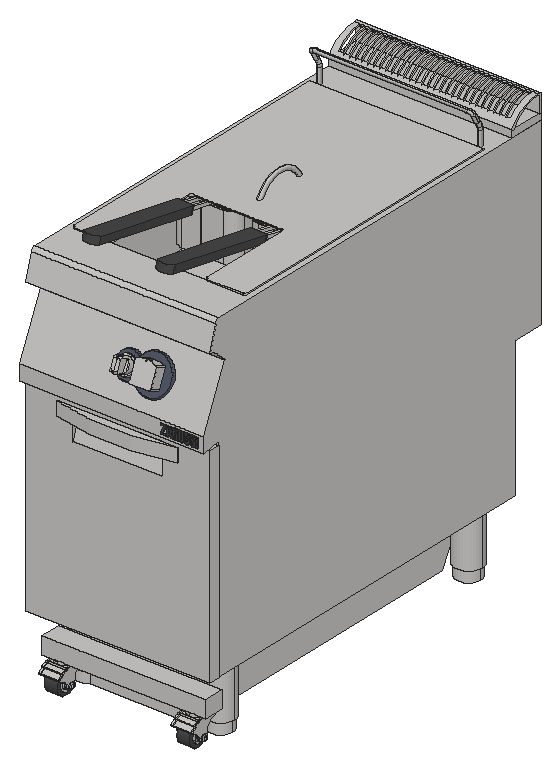
Revit family "QF_ZANUSSI_392331_Z9KKGABAMCA", category Specialty Equipment, Revit 2018 (continued)
Automatic sketch dimensions
  Sweep 4 sketch curve to plane 8 "Center X" = 2.231 mm
  Sweep 4 sketch curve to plane 10 "TOP A" = 26.978 mm
  Sweep 4 sketch curve to plane 8 "Center X" = 56.67 mm
  Sweep 4 sketch curve to plane 7 "Center Y" = 0 mm
  Sweep 4 sketch curve to profile plane = 0 mm
  Revolve 6 sketch curve to level = 0 mm
  Revolve 6 sketch curve to plane 11 "feet" = 0 mm  (x2)
  Revolve 6 sketch curve to plane 15 = 0 mm  (x2)
  level to Revolve 6 sketch curve = 25 mm
  Revolve 6 sketch curve to plane 15 = 26.25 mm
  plane 3 "LEFT" to Revolve 6 sketch curve = 26 mm
  plane 11 "feet" to Revolve 6 sketch curve = 20 mm
  Revolve 7 sketch curve to level = 0 mm
  Revolve 7 sketch curve to plane 11 "feet" = 0 mm  (x2)
  Revolve 7 sketch curve to plane 14 = 0 mm  (x2)
  level to Revolve 7 sketch curve = 25 mm
  Revolve 7 sketch curve to plane 20 = 15.25 mm
  Revolve 7 sketch curve to plane 20 = 19 mm
  plane 11 "feet" to Revolve 7 sketch curve = 20 mm
  Revolve 8 sketch curve to level = 0 mm
  Revolve 8 sketch curve to plane 11 "feet" = 0 mm  (x2)
  Revolve 8 sketch curve to plane 14 = 0 mm  (x2)
  level to Revolve 8 sketch curve = 25 mm
  Revolve 8 sketch curve to plane 20 = 15.25 mm
  Revolve 8 sketch curve to plane 20 = 19 mm
  plane 11 "feet" to Revolve 8 sketch curve = 20 mm
  Extrusion 9 sketch curve to plane 10 "TOP A" = 0 mm
  plane 1 "BACK" to Extrusion 9 sketch curve = 0.111 mm
  plane 10 "TOP A" to Extrusion 9 sketch curve = 14 mm
  Extrusion 9 sketch curve to plane 12 = 49 mm
  Revolve 10 sketch curve to level = 0 mm
  Revolve 10 sketch curve to plane 11 "feet" = 0 mm  (x2)
  plane 15 to Revolve 10 sketch curve = 0 mm  (x2)
  level to Revolve 10 sketch curve = 25 mm
  Revolve 10 sketch curve to plane 15 = 26.25 mm
  plane 3 "LEFT" to Revolve 10 sketch curve = 26 mm
  plane 11 "feet" to Revolve 10 sketch curve = 20 mm
  plane 10 "TOP A" to Extrusion 11 sketch curve = 2.752 mm
  Extrusion 11 sketch curve to plane 8 "Center X" = 166.75 mm
  Extrusion 11 sketch curve to Extrusion 11 sketch curve = 2.306 mm
  Extrusion 11 sketch curve to Extrusion 11 sketch curve = 42.039 mm
  Extrusion 11 sketch curve to Extrusion 11 sketch curve = 6.254 mm
  Extrusion 11 sketch curve to Extrusion 11 sketch curve = 59.061 mm
  Extrusion 11 sketch curve to Extrusion 11 sketch curve = 7.158 mm
  Extrusion 11 sketch curve to Extrusion 11 sketch curve = 18.997 mm
  Extrusion 12 sketch curve to Extrusion 12 sketch curve = 0 mm  (x8)
  Extrusion 12 sketch curve to plane 7 "Center Y" = 12.729 mm
  Extrusion 12 sketch curve to Extrusion 12 sketch curve = 3.175 mm
  Extrusion 12 sketch curve to Extrusion 12 sketch curve = 22.225 mm  (x2)
  plane 15 to Extrusion 12 sketch curve = 15.596 mm  (x2)
  Extrusion 12 sketch curve to plane 15 = 6.629 mm
  plane 12 to Extrusion 12 sketch curve = 59.26 mm
  Extrusion 12 sketch curve to plane 8 "Center X" = 80.89 mm
  plane 15 to Extrusion 13 sketch curve = 45.378 mm
  Extrusion 13 sketch curve to Extrusion 13 sketch curve = 0 mm
  Extrusion 13 sketch curve to Extrusion 13 sketch curve = 11.832 mm
  plane 15 to Extrusion 13 sketch curve = 48.887 mm
  Extrusion 13 sketch curve to Extrusion 13 sketch curve = 243.056 mm
  Extrusion 13 sketch curve to Extrusion 13 sketch curve = 3.5 mm
  Extrusion 13 sketch curve to Extrusion 13 sketch curve = 18.617 mm
  plane 10 "TOP A" to Extrusion 14 sketch curve = 2.752 mm
  Extrusion 14 sketch curve to plane 8 "Center X" = 166.75 mm
  Extrusion 14 sketch curve to Extrusion 14 sketch curve = 2.306 mm
  Extrusion 14 sketch curve to Extrusion 14 sketch curve = 42.039 mm
  Extrusion 14 sketch curve to Extrusion 14 sketch curve = 6.254 mm
  Extrusion 14 sketch curve to Extrusion 14 sketch curve = 59.061 mm
  Extrusion 14 sketch curve to Extrusion 14 sketch curve = 7.158 mm
  Extrusion 14 sketch curve to Extrusion 14 sketch curve = 18.997 mm
  plane 10 "TOP A" to Extrusion 15 sketch curve = 2.752 mm
  Extrusion 15 sketch curve to plane 8 "Center X" = 166.75 mm
  Extrusion 15 sketch curve to Extrusion 15 sketch curve = 2.306 mm
  Extrusion 15 sketch curve to Extrusion 15 sketch curve = 42.039 mm
  Extrusion 15 sketch curve to Extrusion 15 sketch curve = 6.254 mm
  Extrusion 15 sketch curve to Extrusion 15 sketch curve = 59.061 mm
  Extrusion 15 sketch curve to Extrusion 15 sketch curve = 7.158 mm
  Extrusion 15 sketch curve to Extrusion 15 sketch curve = 5.916 mm
  Extrusion 16 sketch curve to Extrusion 16 sketch curve = 0 mm  (x8)
  plane 7 "Center Y" to Extrusion 16 sketch curve = 12.729 mm
  Extrusion 16 sketch curve to Extrusion 16 sketch curve = 3.175 mm
  Extrusion 16 sketch curve to Extrusion 16 sketch curve = 22.225 mm  (x2)
  Extrusion 16 sketch curve to plane 14 = 15.596 mm  (x2)
  plane 20 to Extrusion 16 sketch curve = 4.371 mm
  Extrusion 16 sketch curve to plane 8 "Center X" = 106.29 mm
  plane 12 to Extrusion 16 sketch curve = 84.66 mm
  plane 10 "TOP A" to Extrusion 17 sketch curve = 2.752 mm
  Extrusion 17 sketch curve to plane 8 "Center X" = 166.75 mm
  Extrusion 17 sketch curve to Extrusion 17 sketch curve = 2.306 mm
  Extrusion 17 sketch curve to Extrusion 17 sketch curve = 42.039 mm
  Extrusion 17 sketch curve to Extrusion 17 sketch curve = 6.254 mm
  Extrusion 17 sketch curve to Extrusion 17 sketch curve = 59.061 mm
  Extrusion 17 sketch curve to Extrusion 17 sketch curve = 7.158 mm
  Extrusion 17 sketch curve to Extrusion 17 sketch curve = 5.916 mm
  Extrusion 18 sketch curve to plane 11 "feet" = 0 mm
  level to Extrusion 18 sketch curve = 10 mm
  plane 13 to Extrusion 18 sketch curve = 35.361 mm
  plane 12 to Extrusion 18 sketch curve = 31.603 mm
  Extrusion 18 sketch curve to plane 12 = 46 mm
  Split face 1 sketch curve to Extrusion 18 = 2 mm  (x2)
  Split face 1 sketch curve to Extrusion 18 = 1 mm
  Split face 1 sketch curve to Extrusion 18 = 47.969 mm
  Split face 2 sketch curve to Extrusion 18 = 51.412 mm
  Split face 2 sketch curve to Split face 2 sketch curve = 7.5 mm
  Split face 2 sketch curve to Split face 2 sketch curve = 15 mm  (x2)
  Split face 2 sketch curve to Extrusion 18 = 35.145 mm
  Extrusion 19 sketch curve to plane 14 = 45.378 mm
  Extrusion 19 sketch curve to Extrusion 19 sketch curve = 0 mm
  Extrusion 19 sketch curve to Extrusion 19 sketch curve = 11.832 mm
  Extrusion 19 sketch curve to plane 14 = 48.887 mm
  Extrusion 19 sketch curve to Extrusion 19 sketch curve = 243.056 mm
  Extrusion 19 sketch curve to Extrusion 19 sketch curve = 3.5 mm
  Extrusion 19 sketch curve to Extrusion 19 sketch curve = 18.617 mm
  Extrusion 20 sketch curve to plane 21 = 0 mm
  Extrusion 20 sketch curve to plane 20 = 20.922 mm
  plane 3 "LEFT" to Extrusion 20 sketch curve = 19.859 mm
  plane 13 to Extrusion 20 sketch curve = 35.361 mm
  Extrusion 21 sketch curve to plane 5 "FRONT" = 34.639 mm
  plane 13 to Extrusion 21 sketch curve = 35.361 mm
  level to Extrusion 21 sketch curve = 63.5 mm
  Extrusion 21 sketch curve to Extrusion 21 sketch curve = 36.5 mm
  Extrusion 24 sketch curve to plane 20 = 0 mm
  Extrusion 24 sketch curve to plane 13 = 152 mm
  plane 12 to Sweep 25 sketch curve = 23.665 mm
  plane 12 to Sweep 25 sketch curve = 9.405 mm
  plane 12 to Sweep 25 sketch curve = 7.199 mm
  Sweep 25 sketch curve to plane 6 "TOP" = 24.123 mm
  Sweep 25 sketch curve to plane 6 "TOP" = 6.721 mm
  Sweep 25 sketch curve to Sweep 25 sketch curve = 5.294 mm
  Sweep 25 sketch curve to plane 10 "TOP A" = 0.883 mm
  Sweep 25 sketch curve to Sweep 25 sketch curve = 0 mm  (x4)
  Sweep 25 sketch curve to profile plane = 0.001 mm  (x2)
  profile plane to Sweep 25 sketch curve = 25.269 mm
  Sweep 25 sketch curve to Sweep 25 sketch curve = 349.461 mm
  profile plane to Sweep 25 sketch curve = 3.998 mm  (x2)
  Sweep 26 sketch curve to plane 20 = 19.731 mm
  Sweep 26 sketch curve to Sweep 26 sketch curve = 7 mm  (x2)
  Sweep 26 sketch curve to plane 15 = 23.731 mm
  Sweep 26 sketch curve to Sweep 26 sketch curve = 21.637 mm  (x2)
  Sweep 26 sketch curve to profile plane = 0 mm  (x2)
  plane 9 "BASE" to Extrusion 23 sketch curve = 8.797 mm
  Extrusion 23 sketch curve to plane 14 = 37.84 mm
  Extrusion 23 sketch curve to Extrusion 23 sketch curve = 0.505 mm  (x6)
  Extrusion 23 sketch curve to Extrusion 23 sketch curve = 4.683 mm
  Extrusion 23 sketch curve to Extrusion 23 sketch curve = 7.023 mm
  Extrusion 23 sketch curve to Extrusion 23 sketch curve = 6.814 mm
  Extrusion 23 sketch curve to Extrusion 23 sketch curve = 3.968 mm
  plane 9 "BASE" to Extrusion 23 sketch curve = 6.892 mm  (x5)
  Extrusion 23 sketch curve to Extrusion 23 sketch curve = 0.253 mm  (x7)
  Extrusion 23 sketch curve to Extrusion 23 sketch curve = 4.169 mm  (x3)
  Extrusion 23 sketch curve to Extrusion 23 sketch curve = 4.548 mm  (x2)
  plane 9 "BASE" to Extrusion 23 sketch curve = 11.061 mm
  Extrusion 23 sketch curve to Extrusion 23 sketch curve = 0.632 mm  (x6)
  plane 9 "BASE" to Extrusion 23 sketch curve = 14.978 mm
  Extrusion 23 sketch curve to Extrusion 23 sketch curve = 3.032 mm  (x4)
  Extrusion 23 sketch curve to Extrusion 23 sketch curve = 2.527 mm  (x3)
  Extrusion 23 sketch curve to Extrusion 23 sketch curve = 3.664 mm  (x3)
  Extrusion 23 sketch curve to Extrusion 23 sketch curve = 4.295 mm  (x2)
  Extrusion 23 sketch curve to Extrusion 23 sketch curve = 3.916 mm  (x3)
  Extrusion 23 sketch curve to Extrusion 23 sketch curve = 4.674 mm
  Extrusion 23 sketch curve to Extrusion 23 sketch curve = 4.043 mm  (x4)
  Extrusion 23 sketch curve to Extrusion 23 sketch curve = 5.053 mm
  Extrusion 23 sketch curve to Extrusion 23 sketch curve = 0.379 mm  (x2)
  Extrusion 23 sketch curve to Extrusion 23 sketch curve = 0.884 mm  (x9)
  Extrusion 23 sketch curve to Extrusion 23 sketch curve = 1.769 mm  (x5)
  plane 14 to Extrusion 23 sketch curve = 5.998 mm
  Extrusion 23 sketch curve to Extrusion 23 sketch curve = 0.758 mm  (x4)
  Extrusion 23 sketch curve to Extrusion 23 sketch curve = 1.39 mm  (x4)
  plane 14 to Extrusion 23 sketch curve = 8.651 mm  (x2)
  plane 14 to Extrusion 23 sketch curve = 9.662 mm
  plane 14 to Extrusion 23 sketch curve = 11.178 mm
  plane 14 to Extrusion 23 sketch curve = 12.947 mm
  plane 14 to Extrusion 23 sketch curve = 13.073 mm
  plane 14 to Extrusion 23 sketch curve = 14.336 mm
  Extrusion 23 sketch curve to Extrusion 23 sketch curve = 2.021 mm  (x4)
  Extrusion 23 sketch curve to Extrusion 23 sketch curve = 2.148 mm  (x2)
  Extrusion 23 sketch curve to Extrusion 23 sketch curve = 2.022 mm  (x2)
  Extrusion 23 sketch curve to plane 20 = 7.127 mm
  Extrusion 23 sketch curve to plane 20 = 7.379 mm
  Extrusion 23 sketch curve to plane 20 = 8.011 mm
  Extrusion 23 sketch curve to plane 20 = 8.895 mm
  Extrusion 23 sketch curve to plane 20 = 9.527 mm
  Extrusion 23 sketch curve to plane 20 = 9.653 mm
  Extrusion 23 sketch curve to plane 20 = 10.159 mm  (x2)
  Extrusion 23 sketch curve to plane 20 = 10.285 mm
  Extrusion 23 sketch curve to plane 20 = 11.548 mm
  Extrusion 23 sketch curve to plane 20 = 13.317 mm
  Extrusion 23 sketch curve to Extrusion 23 sketch curve = 2.653 mm  (x5)
  Extrusion 23 sketch curve to plane 20 = 14.58 mm
  Extrusion 23 sketch curve to Extrusion 23 sketch curve = 2.4 mm  (x5)
  Extrusion 23 sketch curve to Extrusion 23 sketch curve = 4.422 mm  (x3)
  Extrusion 23 sketch curve to Extrusion 23 sketch curve = 0.126 mm  (x5)
  Extrusion 23 sketch curve to Extrusion 23 sketch curve = 1.137 mm  (x3)
  Extrusion 23 sketch curve to Extrusion 23 sketch curve = 1.263 mm  (x3)
  Extrusion 23 sketch curve to Extrusion 23 sketch curve = 1.011 mm  (x2)
  Extrusion 23 sketch curve to Extrusion 23 sketch curve = 3.917 mm
  Extrusion 23 sketch curve to Extrusion 23 sketch curve = 2.779 mm  (x2)
  Extrusion 23 sketch curve to Extrusion 23 sketch curve = 0 mm  (x5)
  Extrusion 23 sketch curve to Extrusion 23 sketch curve = 1.905 mm
  Extrusion 23 sketch curve to Extrusion 23 sketch curve = 3.285 mm
  Extrusion 23 sketch curve to Extrusion 23 sketch curve = 4.05 mm
  Extrusion 23 sketch curve to Extrusion 23 sketch curve = 2.274 mm
  Extrusion 23 sketch curve to Extrusion 23 sketch curve = 3.537 mm
  Extrusion 23 sketch curve to Extrusion 23 sketch curve = 1.516 mm  (x2)
  Extrusion 23 sketch curve to Extrusion 23 sketch curve = 1.895 mm
  Extrusion 23 sketch curve to Extrusion 23 sketch curve = 2.906 mm
  Extrusion 23 sketch curve to Extrusion 23 sketch curve = 6.443 mm
  Extrusion 23 sketch curve to Extrusion 23 sketch curve = 1.642 mm
  Extrusion 23 sketch curve to Extrusion 23 sketch curve = 13.511 mm
  Extrusion 23 sketch curve to Extrusion 23 sketch curve = 0.153 mm
  Extrusion 23 sketch curve to Extrusion 23 sketch curve = 9.825 mm
  Extrusion 23 sketch curve to Extrusion 23 sketch curve = 0.226 mm
  Extrusion 23 sketch curve to Extrusion 23 sketch curve = 3.79 mm  (x2)
  Extrusion 23 sketch curve to Extrusion 23 sketch curve = 7.327 mm
  Extrusion 23 sketch curve to Extrusion 23 sketch curve = 3.692 mm
  plane 10 "TOP A" to Extrusion 27 sketch curve = 14 mm  (x2)
  Extrusion 27 sketch curve to plane 12 = 49 mm
  Extrusion 27 sketch curve to Extrusion 27 sketch curve = 3.134 mm
  Extrusion 27 sketch curve to plane 6 "TOP" = 3 mm
  plane 1 "BACK" to Extrusion 27 sketch curve = 5.111 mm
  Extrusion 27 sketch curve to Extrusion 27 sketch curve = 0.769 mm
  plane 1 "BACK" to Extrusion 27 sketch curve = 2.111 mm
  plane 1 "BACK" to Extrusion 27 sketch curve = 0.111 mm
  Extrusion 27 sketch curve to Extrusion 27 sketch curve = 0.01 mm
  Blend 28 sketch curve to Blend 28 sketch curve = 53 mm  (x2)
  Blend 28 sketch curve to Blend 28 sketch curve = 17.95 mm
  Blend 28 sketch curve to Blend 28 sketch curve = 18.422 mm
  Revolve 30 sketch curve to Revolve 30 sketch curve = 13 mm
  Revolve 30 sketch curve to Revolve 30 sketch curve = 16 mm
  Revolve 30 sketch curve to Revolve 30 sketch curve = 27 mm
  Revolve 30 sketch curve to Revolve 30 sketch curve = 0 mm  (x2)
  Revolve 30 sketch curve to Revolve 30 sketch curve = 25.449 mm
  Extrusion 31 sketch curve to Extrusion 31 sketch curve = 6.058 mm
  Extrusion 31 sketch curve to Extrusion 31 sketch curve = 0.01 mm  (x4)
  Extrusion 31 sketch curve to Extrusion 31 sketch curve = 8.895 mm  (x2)
  Extrusion 31 sketch curve to Extrusion 31 sketch curve = 15.995 mm
  Extrusion 31 sketch curve to Extrusion 31 sketch curve = 2.827 mm
  Extrusion 31 sketch curve to Extrusion 31 sketch curve = 15.163 mm
  Extrusion 31 sketch curve to Extrusion 31 sketch curve = 0 mm
  Extrusion 31 sketch curve to Extrusion 31 sketch curve = 15.173 mm
  Extrusion 32 sketch curve to Extrusion 32 sketch curve = 2.997 mm  (x3)
  Extrusion 32 sketch curve to Extrusion 32 sketch curve = 20.003 mm  (x2)
  Extrusion 32 sketch curve to Extrusion 32 sketch curve = 40.005 mm
  Extrusion 32 sketch curve to Extrusion 32 sketch curve = 0 mm  (x2)
  Split face 29 sketch curve to Split face 29 sketch curve = 2.545 mm
  Split face 29 sketch curve to Split face 29 sketch curve = 4.379 mm
  Extrusion 33 sketch curve to Extrusion 33 sketch curve = 3 mm
  Extrusion 33 sketch curve to Extrusion 33 sketch curve = 0 mm  (x2)
  Extrusion 33 sketch curve to Extrusion 33 sketch curve = 1 mm
  Extrusion 33 sketch curve to Extrusion 33 sketch curve = 15 mm
  Extrusion 34 sketch curve to Extrusion 34 sketch curve = 0 mm  (x4)
  Extrusion 34 sketch curve to Extrusion 34 sketch curve = 1 mm
  Extrusion 34 sketch curve to Extrusion 34 sketch curve = 2.764 mm
  Extrusion 34 sketch curve to Extrusion 34 sketch curve = 2.616 mm
  Extrusion 34 sketch curve to Extrusion 34 sketch curve = 12.193 mm
  Blend 28 sketch curve to Blend 28 sketch curve = 0 mm  (x2)
  Blend 28 sketch curve to Blend 28 sketch curve = 24.037 mm
  Blend 28 sketch curve to Blend 28 sketch curve = 21.086 mm
  Extrusion 32 sketch curve to Extrusion 32 sketch curve = 5.399 mm
  Extrusion 32 sketch curve to Extrusion 32 sketch curve = 40.037 mm
  plane 7 "Center Y" to Blend 28 sketch curve = 16.392 mm  (x2)
  plane 7 "Center Y" to Extrusion 29 sketch curve = 14.391 mm
  plane 23 "PANEL" to Revolve 30 sketch curve = 10 mm
  Revolve 30 sketch curve to plane 5 "FRONT" = 19.187 mm
  Extrusion 31 sketch curve to plane 7 "Center Y" = 2.501 mm
  plane 23 "PANEL" to Extrusion 31 sketch curve = 22 mm
  plane 7 "Center Y" to Extrusion 32 sketch curve = 46.392 mm
  plane 23 "PANEL" to Extrusion 33 sketch curve = 35 mm
  Extrusion 33 sketch curve to plane 5 "FRONT" = 6.647 mm
  plane 23 "PANEL" to Extrusion 34 sketch curve = 25.027 mm
  Extrusion 34 sketch curve to plane 5 "FRONT" = 12.635 mm
  Extrusion 3 sketch curve to plane 4 "RIGHT" = 11.548 mm
  Extrusion 3 sketch curve to Extrusion 3 sketch curve = 6.35 mm  (x3)
  Extrusion 3 sketch curve to plane 14 = 37.387 mm
  Extrusion 3 sketch curve to plane 14 = 43.712 mm
  plane 15 to Extrusion 3 sketch curve = 47.563 mm
  Extrusion 3 sketch curve to plane 13 = 19.207 mm  (x2)
  plane 15 to Extrusion 3 sketch curve = 41.213 mm
  plane 3 "LEFT" to Extrusion 3 sketch curve = 17.898 mm
  plane 3 "LEFT" to Extrusion 3 sketch curve = 11.548 mm
  Extrusion 3 sketch curve to plane 8 "Center X" = 121.546 mm
  plane 12 to Extrusion 3 sketch curve = 15.304 mm
  plane 5 "FRONT" to Extrusion 5 sketch curve = 0 mm  (x2)
  plane 1 "BACK" to Extrusion 5 sketch curve = 0 mm
  Extrusion 5 sketch curve to plane 3 "LEFT" = 0 mm
  Extrusion 5 sketch curve to plane 4 "RIGHT" = 0 mm
  Extrusion 5 sketch curve to plane 1 "BACK" = 50 mm
  Extrusion 5 sketch curve to plane 3 "LEFT" = 102.019 mm
  plane 4 "RIGHT" to Extrusion 5 sketch curve = 102.019 mm
  curve 5 to plane 4 "RIGHT" = 0 mm
  curve 48 to plane 21 = 0 mm
  plane 5 "FRONT" to curve 49 = 0 mm
  plane 5 "FRONT" to curve 47 = 0 mm
  curve 54 to plane 3 "LEFT" = 0 mm
  plane 1 "BACK" to curve 5 = 0 mm
  plane 5 "FRONT" to curve 1 = 0 mm
  plane 5 "FRONT" to curve 3 = 0 mm
  curve 17 to plane 4 "RIGHT" = 11.548 mm
  curve 16 to curve 16 = 6.218 mm
  curve 48 to plane 20 = 20.922 mm
  curve 15 to plane 14 = 37.387 mm
  curve 15 to curve 14 = 6.325 mm
  curve 34 to plane 14 = 45.378 mm
  curve 34 to curve 35 = 3.509 mm
  curve 13 to curve 13 = 6.35 mm
  curve 46 to curve 46 = 18.617 mm
  curve 45 to curve 46 = 0 mm
  curve 35 to curve 35 = 30.226 mm
  curve 40 to curve 33 = 3.5 mm
  plane 7 "Center Y" to curve 19 = 4.443 mm
  curve 21 to plane 7 "Center Y" = 0.006 mm
  curve 24 to plane 7 "Center Y" = 61.387 mm
  curve 31 to curve 26 = 3.5 mm
  curve 44 to curve 43 = 18.617 mm
  curve 44 to curve 43 = 0 mm
  curve 31 to curve 26 = 26.726 mm
  plane 15 to curve 12 = 47.563 mm
  curve 43 to curve 25 = 18.617 mm
  curve 8 to curve 10 = 4.165 mm
  curve 9 to curve 9 = 6.272 mm
  plane 3 "LEFT" to curve 53 = 19.859 mm
  plane 3 "LEFT" to curve 8 = 17.965 mm
  curve 7 to curve 6 = 6.416 mm
  plane 8 "Center X" to curve 18 = 51.156 mm
  curve 20 to plane 8 "Center X" = 55.62 mm
  curve 18 to curve 12 = 59.576 mm
  curve 41 to curve 35 = 49.617 mm
  curve 11 to curve 26 = 43.267 mm
  curve 40 to curve 33 = 3.381 mm
  curve 31 to curve 24 = 3.381 mm
  curve 30 to curve 25 = 3.39 mm
  curve 39 to curve 34 = 3.39 mm
  curve 15 to plane 13 = 19.182 mm
  curve 6 to plane 13 = 19.151 mm
  curve 16 to plane 13 = 19.075 mm
  plane 13 to curve 46 = 56.069 mm
  plane 13 to curve 44 = 56.069 mm
  curve 46 to curve 45 = 3.043 mm
  curve 44 to curve 43 = 3.043 mm
  curve 43 to curve 25 = 12.145 mm
  curve 45 to curve 33 = 12.145 mm
  plane 21 to curve 53 = 60 mm
  curve 42 to curve 16 = 0 mm
  curve 49 to plane 14 = 33.649 mm
  curve 35 to curve 37 = 0.57 mm
  curve 12 to curve 36 = 5.251 mm
  curve 36 to curve 38 = 17.363 mm
  curve 38 to curve 41 = 5.857 mm
  curve 31 to curve 32 = 0.579 mm
  curve 32 to curve 29 = 5.857 mm
  curve 27 to curve 11 = 7.751 mm
  curve 28 to curve 26 = 0.57 mm
  plane 15 to curve 47 = 33.649 mm
  curve 54 to plane 12 = 54.11 mm
  plane 12 to curve 6 = 15.304 mm
  plane 12 to curve 17 = 15.304 mm
  curve 23 to plane 13 = 12.735 mm
  curve 15 to curve 42 = 6.447 mm
  curve 44 to curve 24 = 3.111 mm
  curve 46 to curve 45 = 3.111 mm
  curve 4 to plane 5 "FRONT" = 15 mm
  curve 5 to plane 5 "FRONT" = 15 mm
  curve 50 to plane 4 "RIGHT" = 11.548 mm
  plane 12 to curve 50 = 15.304 mm
  curve 50 to curve 50 = 9.722 mm
  Extrusion 22 sketch curve to plane 4 "RIGHT" = 13 mm
  Extrusion 22 sketch curve to Extrusion 22 sketch curve = 10 mm  (x22)
  Extrusion 22 sketch curve to Extrusion 22 sketch curve = 3 mm  (x28)
  Extrusion 22 sketch curve to plane 20 = 9 mm
  plane 20 to Extrusion 22 sketch curve = 4 mm
  Extrusion 22 sketch curve to plane 14 = 6 mm
  plane 7 "Center Y" to Extrusion 22 sketch curve = 8 mm
  Extrusion 22 sketch curve to plane 7 "Center Y" = 5 mm
  plane 15 to Extrusion 22 sketch curve = 9 mm
  Extrusion 22 sketch curve to plane 15 = 4 mm
  plane 1 "BACK" to Extrusion 22 sketch curve = 11.066 mm  (x3)
  Extrusion 22 sketch curve to Extrusion 22 sketch curve = 0 mm  (x54)
  Extrusion 22 sketch curve to Extrusion 22 sketch curve = 55 mm
  plane 5 "FRONT" to curve 58 = 0 mm
  curve 55 to plane 4 "RIGHT" = 0 mm
  plane 5 "FRONT" to curve 76 = 0 mm
  curve 57 to plane 3 "LEFT" = 0 mm
  curve 137 to plane 4 "RIGHT" = 13 mm
  plane 12 to curve 74 = 7.2 mm
  curve 74 to plane 4 "RIGHT" = 21.27 mm
  curve 137 to curve 140 = 10 mm
  curve 74 to curve 67 = 3.999 mm
  curve 139 to curve 143 = 3 mm
  curve 68 to curve 63 = 2.479 mm
  curve 69 to curve 63 = 0.266 mm
  curve 63 to curve 62 = 2.464 mm
  curve 72 to curve 70 = 2.675 mm
  curve 143 to plane 20 = 9 mm
  curve 143 to curve 146 = 3 mm
  plane 20 to curve 147 = 4 mm
  curve 145 to curve 149 = 3 mm
  curve 149 to plane 14 = 6 mm
  curve 149 to curve 153 = 3 mm
  curve 153 to curve 153 = 10 mm
  curve 153 to curve 157 = 3 mm
  curve 158 to curve 159 = 10 mm
  curve 157 to curve 161 = 3 mm
  curve 161 to curve 161 = 10 mm
  curve 163 to curve 167 = 3 mm
  curve 166 to curve 167 = 10 mm
  curve 165 to curve 169 = 3 mm
  curve 169 to curve 169 = 10 mm
  curve 171 to curve 175 = 3 mm
  curve 174 to curve 175 = 10 mm
  curve 175 to curve 179 = 3 mm
  curve 178 to curve 179 = 10 mm
  curve 179 to curve 183 = 3 mm
  curve 182 to curve 183 = 10 mm
  curve 183 to curve 187 = 3 mm
  curve 186 to curve 187 = 10 mm
  curve 187 to curve 191 = 3 mm
  plane 7 "Center Y" to curve 191 = 8 mm
  curve 191 to curve 136 = 3 mm
  curve 134 to plane 7 "Center Y" = 5 mm
  curve 133 to curve 132 = 3 mm
  curve 131 to curve 131 = 10 mm
  curve 129 to curve 125 = 3 mm
  curve 125 to curve 125 = 10 mm
  curve 126 to curve 123 = 3 mm
  curve 121 to curve 122 = 10 mm
  curve 121 to curve 120 = 3 mm
  curve 119 to curve 118 = 10 mm
  curve 117 to curve 116 = 3 mm
  curve 115 to curve 114 = 10 mm
  curve 113 to curve 112 = 3 mm
  curve 111 to curve 110 = 10 mm
  curve 109 to curve 108 = 3 mm
  curve 107 to curve 106 = 10 mm
  curve 105 to curve 104 = 3 mm
  curve 103 to curve 102 = 10 mm
  curve 101 to curve 100 = 3 mm
  curve 99 to curve 98 = 10 mm
  curve 97 to curve 96 = 3 mm
  plane 15 to curve 94 = 9 mm
  curve 94 to curve 92 = 3 mm
  curve 90 to plane 15 = 4 mm
  curve 90 to curve 88 = 3 mm
  curve 87 to curve 86 = 10 mm
  curve 86 to curve 84 = 3 mm
  plane 12 to curve 66 = 18.404 mm
  curve 66 to plane 15 = 24.057 mm
  curve 66 to curve 62 = 0.211 mm
  curve 66 to curve 63 = 2.675 mm
  curve 63 to curve 65 = 0.266 mm
  curve 65 to curve 64 = 2.213 mm
  curve 81 to curve 82 = 10 mm
  curve 60 to curve 60 = 3.999 mm
  curve 81 to curve 77 = 3 mm
  curve 77 to curve 77 = 10 mm
  curve 122 to plane 12 = 59.934 mm
  curve 166 to plane 12 = 59.934 mm
  curve 123 to curve 191 = 0 mm
  curve 166 to curve 164 = 0 mm
  curve 190 to curve 188 = 0 mm
  curve 162 to curve 160 = 0 mm
  curve 186 to curve 184 = 0 mm
  curve 158 to curve 156 = 0 mm
  curve 182 to curve 180 = 0 mm
  curve 154 to curve 152 = 0 mm
  curve 178 to curve 176 = 0 mm
  curve 150 to curve 148 = 0 mm
  curve 174 to curve 172 = 0 mm
  curve 146 to curve 144 = 0 mm
  curve 142 to curve 140 = 0 mm
  curve 78 to plane 12 = 59.934 mm
  curve 136 to curve 191 = 0 mm
  curve 79 to curve 82 = 0 mm
  curve 132 to curve 134 = 0 mm
  curve 83 to curve 86 = 0 mm
  curve 128 to curve 130 = 0 mm
  curve 87 to curve 90 = 0 mm
  curve 91 to curve 94 = 0 mm
  curve 120 to curve 122 = 0 mm
  curve 95 to curve 98 = 0 mm
  curve 116 to curve 118 = 0 mm
  curve 99 to curve 102 = 0 mm
  curve 112 to curve 114 = 0 mm
  curve 103 to curve 106 = 0 mm
  plane 1 "BACK" to curve 166 = 11.066 mm
  plane 1 "BACK" to curve 108 = 11.066 mm
  plane 1 "BACK" to curve 109 = 11.066 mm
  curve 109 to curve 113 = 0 mm
  curve 104 to curve 105 = 0 mm
  curve 113 to curve 117 = 0 mm
  curve 100 to curve 101 = 0 mm
  curve 117 to curve 121 = 0 mm
  curve 96 to curve 97 = 0 mm
  curve 121 to curve 125 = 0 mm
  curve 92 to curve 93 = 0 mm
  curve 125 to curve 129 = 0 mm
  curve 88 to curve 89 = 0 mm
  curve 129 to curve 133 = 0 mm
  curve 84 to curve 85 = 0 mm
  plane 1 "BACK" to curve 137 = 11.066 mm
  curve 80 to curve 81 = 0 mm
  curve 141 to curve 137 = 0 mm
  curve 169 to curve 165 = 0 mm
  curve 145 to curve 141 = 0 mm
  curve 173 to curve 169 = 0 mm
  curve 149 to curve 145 = 0 mm
  curve 177 to curve 173 = 0 mm
  curve 153 to curve 149 = 0 mm
  curve 181 to curve 177 = 0 mm
  curve 157 to curve 153 = 0 mm
  curve 185 to curve 181 = 0 mm
  curve 161 to curve 157 = 0 mm
  curve 189 to curve 185 = 0 mm
  plane 12 to curve 61 = 7.2 mm
  curve 67 to curve 70 = 11.204 mm
  curve 70 to curve 69 = 5.999 mm
  curve 66 to curve 65 = 5.999 mm
  curve 65 to curve 63 = 0.615 mm
  curve 65 to curve 64 = 1.208 mm
  curve 69 to curve 68 = 1.208 mm
  curve 64 to curve 61 = 0.023 mm
  curve 68 to curve 74 = 0.023 mm
  curve 63 to curve 62 = 8 mm
  curve 55 to plane 5 "FRONT" = 15 mm
  plane 4 "RIGHT" to curve 58 = 102.019 mm
  curve 68 to curve 68 = 1.533 mm
  plane 7 "Center Y" to curve 76 = 6.306 mm
  curve 62 to curve 65 = 5.068 mm
  curve 71 to curve 71 = 9.722 mm
  curve 56 to curve 56 = 102.019 mm
  curve 61 to curve 71 = 8.104 mm
  curve 72 to curve 66 = 3.1 mm
  curve 225 to curve 230 = 0 mm  (x2)
  plane 5 "FRONT" to curve 231 = 0 mm
  curve 207 to plane 7 "Center Y" = 0 mm
  curve 208 to plane 7 "Center Y" = 0 mm
  plane 5 "FRONT" to curve 234 = 0 mm
  plane 5 "FRONT" to curve 233 = 0 mm
  curve 233 to plane 4 "RIGHT" = 0 mm
  curve 212 to plane 7 "Center Y" = 1.596 mm
  plane 7 "Center Y" to curve 231 = 0.788 mm
  plane 7 "Center Y" to curve 208 = 2.857 mm
  plane 5 "FRONT" to curve 206 = 0.085 mm
  plane 7 "Center Y" to curve 206 = 2.879 mm
  curve 208 to curve 209 = 0.234 mm
  curve 208 to curve 211 = 1.618 mm
  plane 7 "Center Y" to curve 193 = 6.394 mm
  curve 206 to curve 210 = 0.68 mm
  curve 193 to curve 207 = 0.996 mm
  curve 231 to curve 205 = 6.998 mm
  curve 204 to curve 194 = 0.993 mm
  plane 7 "Center Y" to curve 232 = 14.685 mm
  curve 204 to curve 203 = 2 mm
  curve 203 to curve 215 = 6.002 mm
  curve 218 to plane 5 "FRONT" = 3.091 mm
  curve 202 to curve 218 = 6.318 mm
  curve 202 to curve 213 = 6.998 mm
  curve 213 to curve 219 = 1.919 mm
  curve 219 to curve 217 = 1.384 mm
  plane 5 "FRONT" to curve 214 = 0.085 mm
  curve 214 to curve 214 = 3.514 mm
  curve 217 to curve 216 = 0.234 mm
  curve 216 to curve 220 = 4.452 mm
  plane 5 "FRONT" to curve 195 = 10.842 mm
  curve 214 to curve 195 = 20.489 mm
  curve 196 to curve 196 = 0.724 mm
  curve 221 to curve 221 = 1.024 mm
  curve 221 to curve 222 = 1.472 mm
  curve 196 to curve 197 = 2.125 mm
  curve 196 to curve 200 = 2.273 mm
  curve 229 to plane 5 "FRONT" = 6.647 mm
  curve 222 to curve 229 = 19.504 mm
  plane 7 "Center Y" to curve 225 = 69.392 mm
  curve 228 to curve 227 = 2 mm
  curve 227 to curve 200 = 19.003 mm
  curve 199 to curve 199 = 0.148 mm
  curve 224 to plane 5 "FRONT" = 2.984 mm
  curve 199 to curve 224 = 0.353 mm
  curve 224 to curve 223 = 1.472 mm
  curve 200 to curve 198 = 2.273 mm
  curve 198 to curve 201 = 0.724 mm
  plane 5 "FRONT" to curve 198 = 10.842 mm
  curve 200 to curve 196 = 1.253 mm
  curve 213 to curve 214 = 12.697 mm
  curve 193 to curve 206 = 12.701 mm
  curve 230 to curve 199 = 107.458 mm
  curve 198 to curve 199 = 3.929 mm
  curve 196 to curve 197 = 3.929 mm
  plane 5 "FRONT" to curve 203 = 4.528 mm
  curve 222 to plane 5 "FRONT" = 2.984 mm
  curve 210 to plane 5 "FRONT" = 3.091 mm
  curve 224 to curve 223 = 2.717 mm
  curve 222 to curve 221 = 2.717 mm
  curve 218 to curve 217 = 4.572 mm
  curve 210 to curve 209 = 4.572 mm
  curve 217 to curve 220 = 0.582 mm
  curve 209 to curve 212 = 0.582 mm
  curve 217 to curve 216 = 1.168 mm
  curve 209 to curve 208 = 1.168 mm
  curve 208 to curve 211 = 2.705 mm
  curve 216 to curve 219 = 2.705 mm
  curve 203 to curve 194 = 5.962 mm
  curve 219 to curve 215 = 2.793 mm
  curve 232 to plane 13 = 125.255 mm
  plane 8 "Center X" to curve 231 = 17.991 mm
  curve 231 to curve 209 = 68.683 mm
  plane 7 "Center Y" to curve 209 = 0.941 mm
  curve 210 to curve 211 = 0.925 mm
  curve 211 to curve 193 = 0.023 mm
  curve 213 to curve 219 = 0.023 mm
  curve 215 to plane 5 "FRONT" = 3.364 mm
  curve 219 to curve 218 = 0.925 mm
  curve 218 to curve 218 = 2.609 mm
  curve 222 to curve 221 = 0.337 mm
  curve 221 to curve 230 = 1.166 mm
  curve 225 to curve 223 = 0.829 mm
  curve 223 to curve 223 = 0.337 mm
  curve 232 to curve 214 = 4.711 mm
  curve 221 to curve 221 = 0.196 mm
  curve 223 to curve 223 = 0.196 mm
  curve 228 to curve 226 = 0.908 mm
  curve 219 to curve 213 = 0.002 mm
  curve 211 to curve 193 = 0.002 mm
  curve 210 to curve 212 = 3.133 mm
  curve 217 to curve 220 = 3.133 mm
  curve 222 to curve 195 = 7.944 mm
  curve 230 to curve 228 = 6.194 mm
  curve 228 to curve 227 = 0 mm
  curve 225 to curve 201 = 7.944 mm
  plane 7 "Center Y" to Extrusion 35 sketch curve = 51.892 mm
  Extrusion 35 sketch curve to plane 14 = 57.108 mm
  Extrusion 35 sketch curve to Extrusion 35 sketch curve = 35 mm
  radius of Sweep 4 sketch curve = 4.353 mm
  radius of Extrusion 24 sketch curve = 6.35 mm
  radius of Sweep 26 sketch curve = 4 mm
  radius of Extrusion 29 sketch curve = 20 mm
  radius of Split face 3 sketch curve = 1 mm
  radius of Split face 4 sketch curve = 1 mm
  radius of Split face 5 sketch curve = 1 mm
  radius of Split face 6 sketch curve = 1 mm
  radius of Split face 7 sketch curve = 1 mm
  radius of Split face 8 sketch curve = 1 mm
  radius of Split face 9 sketch curve = 1 mm
  radius of Split face 10 sketch curve = 1 mm
  radius of Split face 11 sketch curve = 1 mm
  radius of Split face 12 sketch curve = 1 mm
  radius of Split face 13 sketch curve = 1 mm
  radius of Split face 14 sketch curve = 1 mm
  radius of Split face 15 sketch curve = 1 mm
  radius of Split face 16 sketch curve = 1 mm
  radius of Split face 17 sketch curve = 1 mm
  radius of Split face 18 sketch curve = 1 mm
  radius of Split face 19 sketch curve = 1 mm
  radius of Split face 20 sketch curve = 1 mm
  radius of Split face 21 sketch curve = 1 mm
  radius of Split face 22 sketch curve = 1 mm
  radius of Split face 23 sketch curve = 1 mm
  radius of Split face 24 sketch curve = 1 mm
  radius of Split face 25 sketch curve = 1 mm
  radius of Split face 26 sketch curve = 1 mm
  radius of Split face 27 sketch curve = 1.508 mm
  radius of Split face 28 sketch curve = 1.343 mm
Nested families
  nested 1: "QF_392331_CASTERS" at (56, -865.361, 0), type "QF_392331_CASTERS"
    with Type Mark "", Status "", Specification by User "", Revision Code "", Item Number "", Installed By "", Identify Quantity as Lot yes, Furnished By "", Foodservice Equipment Identifier yes, 2.5 Inches Caster yes
  nested 2: "QF_392331_CASTERS" at (344, -865.361, 0), type "QF_392331_CASTERS"
    with Type Mark "", Status "", Specification by User "", Revision Code "", Item Number "", Installed By "", Identify Quantity as Lot yes, Furnished By "", Foodservice Equipment Identifier yes, 2.5 Inches Caster yes
  nested 3: "QF_392331_DOOR" at (200, -873.773, 500.058) x (1, 0, 0) z (0, -1, 0), type "QF_392331_DOOR"
    with Show Clearance yes
Connectors
  piping at (355, -648, 135), diameter 12.7, driven by "Gas Size"
    settings: on Extrusion 24, index 2, connector inside diameter 24", connector length 0 mm, flow factor 0, pipe flow 0 GPM, pressure drop 0.00 psi, fitting loss kfactor 0, connector angle 0.00°, fixture units 0, engagement length 0 mm, angle of deflection 0.00°, flow configuration 1, flow direction 1, fitting loss method 0, system type 7, joint type 0, gender type 0, connector reference index -1, connector utility 0, adjustable connector no, is connector primary yes, connector description "Gas Connection"
Definition of nested family "QF_392331_CASTERS"
  Parameters
    Weight = ""
    URL Manufacturer = ""
    URL Cutsheet = ""
    URL = ""
    Type Mark [instance] = ""
    Status [instance] = ""
    Specification by User [instance] = ""
    Specification by Manufacturer = ""
    Serial Number = ""
    Seismic Rating = ""
    SMACNA No = ""
    Revision Code [instance] = ""
    Omniclass Number and Title = ""
    NAFEM Spec ID Number = ""
    Model = ""
    MasterSpec. = ""
    Manufacturer = ""
    Item Number [instance] = ""
    Installed By [instance] = ""
    Identify Quantity as Lot [instance] = yes
    Furnished By [instance] = ""
    Foodservice Equipment Identifier [instance] = yes
    Description = ""
    CSI MasterFormat = ""
    CSI Master Format = ""
    Assembly Code = ""
    2.5 Inches Caster [instance] = yes
  Reference planes
    plane 1: z = 0
    plane 2 "RIGHT": x = 0
    plane 3 "FRONT": y = 0
    plane 4 "TOP": z = 63.5
  Forms (mm)
    Revolve 1, solid, visible <- "2.5 Inches Caster"
      sketch origin (0, 44.16, -95.25) x (0, 1, 0) y (0, 0, 1)
        loop
          line (-44.16, 158.75) -> (-44.16, 153.642) -> (-26.871, 153.642) -> (-26.871, 158.75) -> (-44.16, 158.75)
        axis (-44.16, 153.642) -> (-44.16, 158.75)
      angle from 0 to 360
    Revolve 2, solid, visible <- "2.5 Inches Caster"
      sketch origin (-49.224, -11.892, -25.504) x (1, 0, 0) y (0, 0, -1)
        loop
          line (18.81, -48.92) -> (80.012, -48.92) -> (80.012, -47.002) -> (78.742, -45.732) -> (77.218, -45.732) -> (77.218, -42.682) -> (66.659, -42.682) -> (66.659, -41.052) -> (62.82, -38.836) -> (62.461, -36.617) -> (63.897, -36.617) -> (63.897, -33.442) -> (63.103, -33.442) -> (63.103, -25.504) -> (34.925, -25.504) -> (34.925, -33.442) -> (34.131, -33.442) -> (34.131, -36.617) -> (35.568, -36.617) -> (35.223, -38.747) -> (31.369, -40.972) -> (31.369, -42.682) -> (21.604, -42.682) -> (21.604, -45.732) -> (20.08, -45.732) -> (18.81, -47.002) -> (18.81, -48.92)
        axis (18.81, -48.92) -> (80.012, -48.92)
      angle from 0 to 360
    Extrusion 3, solid, visible <- "2.5 Inches Caster"
      sketch origin (-49.224, -36.397, -82.654) x (0, -1, 0) y (0, 0, -1)
        loop
          arc (-16.331, -137.98) -> (-10.865, -136.763) -> (-5.649, -134.728) r 36.65
          line (-5.649, -134.728) -> (-7.378, -131.735)
          arc (-7.378, -131.735) -> (-1.843, -128.62) -> (3.229, -124.795) r 47.633
          line (3.229, -124.795) -> (1.305, -122.131)
          arc (1.305, -122.131) -> (-4.956, -125.849) -> (-11.779, -128.391) r 40.653
          arc (-11.779, -128.391) -> (-28.864, -132.28) -> (-46.219, -134.689) r 203.903
          line (-46.219, -134.689) -> (-56.209, -134.689) -> (-56.209, -141.046) -> (-16.331, -141.046) -> (-16.331, -137.98)
      from 29.809 to 68.639
    Extrusion 4, solid, visible <- "2.5 Inches Caster"
      sketch origin (-50.414, -36.397, -44.554) x (0, -1, 0) y (0, 0, -1)
        loop
          line (-56.209, -102.946) -> (-16.331, -102.946) -> (-16.331, -99.88)
          arc (-16.331, -99.88) -> (-10.865, -98.663) -> (-5.649, -96.628) r 36.65
          line (-5.649, -96.628) -> (-7.378, -93.635)
          arc (-7.378, -93.635) -> (-1.843, -90.52) -> (3.229, -86.695) r 47.633
          line (3.229, -86.695) -> (1.425, -84.197)
          arc (1.425, -84.197) -> (-9.178, -79.163) -> (-14.845, -68.885) r 19.13
          arc (-14.845, -68.885) -> (-15.145, -67.625) -> (-15.547, -66.395) r 15.67
          arc (-15.547, -66.395) -> (-24.08, -60.288) -> (-32.951, -65.891) r 9.398
          arc (-32.951, -65.891) -> (-34.578, -70.653) -> (-35.367, -75.623) r 29.308
          arc (-35.367, -75.623) -> (-41.244, -89.382) -> (-54.356, -96.589) r 22.934
          line (-54.356, -96.589) -> (-56.209, -96.589) -> (-56.209, -102.946)
      from 69.829 to 73.87
    Extrusion 5, solid, visible <- "2.5 Inches Caster"
      sketch origin (50.414, -36.397, -44.554) x (0, -1, 0) y (0, 0, 1)
        loop
          line (-56.209, 102.946) -> (-56.209, 96.589) -> (-54.356, 96.589)
          arc (-54.356, 96.589) -> (-41.244, 89.382) -> (-35.367, 75.623) r 22.934
          arc (-35.367, 75.623) -> (-34.578, 70.653) -> (-32.951, 65.891) r 29.308
          arc (-32.951, 65.891) -> (-24.08, 60.288) -> (-15.547, 66.395) r 9.398
          arc (-15.547, 66.395) -> (-15.145, 67.625) -> (-14.845, 68.885) r 15.67
          arc (-14.845, 68.885) -> (-9.178, 79.163) -> (1.425, 84.197) r 19.13
          line (1.425, 84.197) -> (3.229, 86.695)
          arc (3.229, 86.695) -> (-1.843, 90.52) -> (-7.378, 93.635) r 47.633
          line (-7.378, 93.635) -> (-5.649, 96.628)
          arc (-5.649, 96.628) -> (-10.865, 98.663) -> (-16.331, 99.88) r 36.65
          line (-16.331, 99.88) -> (-16.331, 102.946) -> (-56.209, 102.946)
      from 69.829 to 73.87
  Dimensions and locks
    plane 4 "TOP" to level = 63.5 mm  (x2)
    aligned and locked: level to plane 1
Definition of nested family "QF_392331_DOOR"
  Parameters
    Show Clearance [instance] = yes
    Model = "392331"
    Default Elevation = 1219.2 mm
  Reference planes
    plane 1 "Center (Front/Back)": y = -124.177
    plane 2: z = 0
    plane 3 "Center (Left/Right)": x = 0
    plane 4: z = 384.227
  Forms (mm)
    Extrusion 1, solid
      sketch origin (0, -919.2, 0) x (1, 0, 0) y (0, 1, 0)
        loop
          line (-300, 1454.2) -> (-300, 354.293) -> (318.267, 354.293) -> (318.267, 1454.2) -> (-300, 1454.2)
      from 0 to -59.546
    Extrusion 2, solid
      sketch origin (0, 0, 0) x (0, 1, 0) y (0, 0, 1)
        loop
          line (101.704, 26.227) -> (-350.058, 26.227) -> (-350.058, 1.587) -> (101.704, 1.587) -> (101.704, 26.227)
      from -200 to 200
    Extrusion 3, solid, visible <- "Show Clearance", detail levels coarse
      sketch origin (0, -124.177, 0) x (1, 0, 0) y (0, 0, 1)
        loop
          arc (200, 399.227) -> (-78.098, 286.026) -> (-199.088, 11.227) r 400
          line (-199.088, 11.227) -> (200, 11.227) -> (200, 399.227)
      from -225.881 to 225.881
    Extrusion 4, void
      sketch origin (-1.36, -500.058, -845.911) x (0, 0, -1) y (0, 1, 0)
        loop
          line (-872.138, 585) -> (-872.138, 515.55) -> (-848.948, 585) -> (-872.138, 585)
      from -96.424 to 99.144
    Extrusion 5, solid
      sketch origin (0, -124.177, 0) x (1, 0, 0) y (0, 0, 1)
        loop
          line (-130.529, 26.227) -> (132.106, 26.227) -> (132.106, 28.227)
          arc (132.106, 28.227) -> (0.788, 46.508) -> (-130.529, 28.227) r 480.772
          line (-130.529, 28.227) -> (-130.529, 26.227)
      from -209.119 to -179.231
  Cuts and joins
    Extrusion 4 cuts Extrusion 2
  Lines and regions (mm)
    symbolic lines
      curve 1: arc (-197.057, -124.177, 41.227) -> (-76.135, -124.177, 287.922) -> (175.4, -124.177, 398.424) r 400
      curve 2: line (200, -124.177, 41.227) -> (200, -124.177, 399.227)
      curve 3: line (175.4, -124.177, 41.227) -> (175.4, -124.177, 399.227)
      curve 4: line (175.4, -124.177, 399.227) -> (200, -124.177, 399.227)
  Dimensions and locks
    aligned and locked: plane 2 to Extrusion 1
    aligned and locked: level to Extrusion 1
